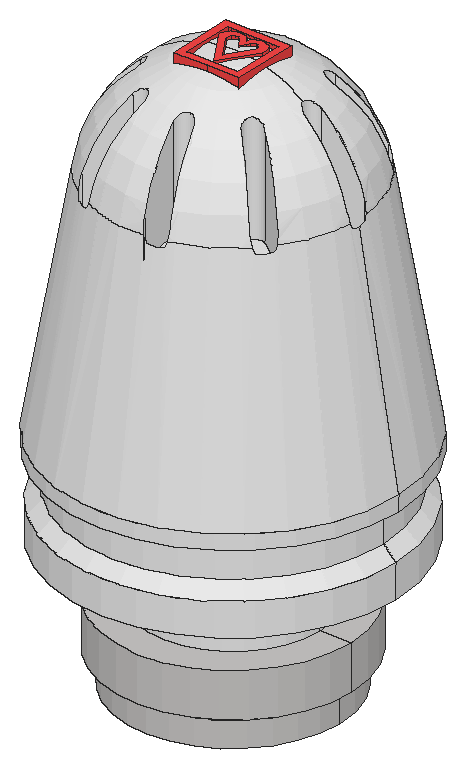
Revit family "HERZ-Thermostatkopf MINI GS M28x1.5 9200 06", category Rohrzubehör, Revit 2018
Family settings
  Bemaßung runder Anschluss = Durchmesser verwenden
  Teiletyp = Normal
  OmniClass-Nummer = 23.65.55.14
  OmniClass-Titel = Valves for Liquid Services
  Arbeitsebenenbasiert = Nein
  Immer vertikal = Nein
  Beim Laden mit Abzugskörper schneiden = Nein
  Gemeinsam genutzt = Nein
Parameters
  URL = "www.herz-armaturen.at"
  Thermostatkopf = "Kunststoff, weiß"  # constant formula
  Sollwertbereich = "6-28°C"  # constant formula
  S02 = 60 mm  # constant formula
  S01 = 73 mm  # constant formula
  Nullstellung = "Heizkörperthermostat mit Flüssigkeitsfühler (Hydrosensor) mit Stellung „0“, Frostsicherung einstellbar, mit Begrenzung und Blockierung des Sollwertbereiches."
  Hersteller = "HERZ Armaturen Ges.m.b.H."  # constant formula
  Funktionsweise = "Der HERZ-Thermostat dient als Fühl- und Regelelement. Durch die Volumsänderung der Flüssigkeitsfüllung im HERZ-Hydrosensor wird die Schubspindel des Ventils bewegt."
  Frostsicherung bei = 6 °C  # constant formula
  Sollwertbereich Frostsicherung = "6-28°C"  # constant formula
  Frostsicherung = "Heizkörperthermostat  mit  Flüssigkeitsfühler  (Hydrosensor)  mit  automatischer  Frostsicherung  und  Be-grenzung und Blockierung des Sollwertbereiches."
  Bestellnummer = 1920006  # constant formula
  Anwendungen = "Zur Montage auf Ventilen, die für thermostatischen Betrieb eingerichtet sind.Artikelnummern, Dimensionen und Lieferform der HERZ Ventile sind den jeweiligen Produktnormblättern zu entnehmen."
Reference planes
  plane 1 "Mitte (Vorne/hinten)": y = 0
  plane 2: z = 0
  plane 3 "Mitte (Links/rechts)": x = 0
Forms (mm)
  Revolve 1, solid, material "Kunststoff weiß", detail levels fine
    sketch origin (0, 0, 0) x (1, 0, 0) y (0, 0, 1)
      loop
        line (0, 0) -> (0, 73)
        arc (0, 73) -> (-11.397, 68.78) -> (-17.297, 58.156) r 17.5
        arc (-17.297, 58.156) -> (-20.011, 42.065) -> (-22.88, 26) r 1681.293
        line (-22.88, 26) -> (-22.88, 24) -> (-20.75, 24) -> (-20.75, 19.25) -> (-22.5, 17.5) -> (-22.5, 13) -> (-12.8, 13)
        arc (-12.8, 13) -> (-12.234, 12.766) -> (-12, 12.2) r 0.8
        line (-12, 12.2) -> (-12, 4.8) -> (-13.2, 4.8) -> (-13.2, 0) -> (0, 0)
      axis (0, 73) -> (0, 0)
    angle from 0 to 360
  Revolve 2, solid, material "Messing verzinkt", detail levels fine
    sketch origin (0, 0, 0) x (1, 0, 0) y (0, 0, 1)
      loop
        line (0, 0) -> (0, 5.5) -> (-16.35, 5.5) -> (-16.35, -0.576) -> (-14.75, -1.5) -> (-14.75, -5) -> (-13.35, -5) -> (-13.35, 0) -> (0, 0)
      axis (0, 5.5) -> (0, -5)
    angle from 0 to 360
  Extrusion 3, void
    sketch origin (0, 0, 0) x (1, 0, 0) y (0, 1, 0)
      loop
        arc (11.027, 1.298) -> (9.8, 0) -> (11.027, -1.298) r 1.3
        line (11.027, -1.298) -> (16.77, -1.62)
        arc (16.77, -1.62) -> (17.178, -1.485) -> (17.384, -1.107) r 0.586
        arc (17.384, -1.107) -> (17.453, 0.011) -> (17.382, 1.129) r 9
        arc (17.382, 1.129) -> (17.183, 1.492) -> (16.79, 1.621) r 0.564
        line (16.79, 1.621) -> (11.027, 1.298)
      loop
        line (9.282, 6.094) -> (13.904, 9.55)
        arc (13.904, 9.55) -> (14.121, 9.902) -> (14.04, 10.308) r 0.564
        arc (14.04, 10.308) -> (13.376, 11.21) -> (12.605, 12.023) r 9
        arc (12.605, 12.023) -> (12.205, 12.18) -> (11.805, 12.021) r 0.586
        line (11.805, 12.021) -> (7.613, 8.082)
        arc (7.613, 8.082) -> (7.507, 6.299) -> (9.282, 6.094) r 1.3
      loop
        arc (0.637, 11.085) -> (1.702, 9.651) -> (3.193, 10.634) r 1.3
        line (3.193, 10.634) -> (4.508, 16.234)
        arc (4.508, 16.234) -> (4.445, 16.659) -> (4.109, 16.928) r 0.586
        arc (4.109, 16.928) -> (3.02, 17.189) -> (1.907, 17.313) r 9
        arc (1.907, 17.313) -> (1.515, 17.181) -> (1.319, 16.816) r 0.564
        line (1.319, 16.816) -> (0.637, 11.085)
      loop
        line (-4.39, 10.199) -> (-6.991, 15.351)
        arc (-6.991, 15.351) -> (-7.3, 15.626) -> (-7.713, 15.617) r 0.564
        arc (-7.713, 15.617) -> (-8.717, 15.12) -> (-9.651, 14.501) r 9
        arc (-9.651, 14.501) -> (-9.875, 14.134) -> (-9.788, 13.713) r 0.586
        line (-9.788, 13.713) -> (-6.638, 8.901)
        arc (-6.638, 8.901) -> (-4.9, 8.487) -> (-4.39, 10.199) r 1.3
      loop
        arc (-10.806, 2.552) -> (-9.209, 3.352) -> (-9.918, 4.991) r 1.3
        line (-9.918, 4.991) -> (-15.204, 7.258)
        arc (-15.204, 7.258) -> (-15.634, 7.271) -> (-15.957, 6.986) r 0.586
        arc (-15.957, 6.986) -> (-16.404, 5.959) -> (-16.719, 4.884) r 9
        arc (-16.719, 4.884) -> (-16.657, 4.475) -> (-16.332, 4.219) r 0.564
        line (-16.332, 4.219) -> (-10.806, 2.552)
      loop
        line (-10.806, -2.552) -> (-16.332, -4.219)
        arc (-16.332, -4.219) -> (-16.657, -4.475) -> (-16.719, -4.884) r 0.564
        arc (-16.719, -4.884) -> (-16.404, -5.959) -> (-15.957, -6.986) r 9
        arc (-15.957, -6.986) -> (-15.634, -7.271) -> (-15.204, -7.258) r 0.586
        line (-15.204, -7.258) -> (-9.918, -4.991)
        arc (-9.918, -4.991) -> (-9.209, -3.352) -> (-10.806, -2.552) r 1.3
      loop
        arc (9.282, -6.094) -> (7.507, -6.299) -> (7.613, -8.082) r 1.3
        line (7.613, -8.082) -> (11.805, -12.021)
        arc (11.805, -12.021) -> (12.205, -12.18) -> (12.605, -12.023) r 0.586
        arc (12.605, -12.023) -> (13.376, -11.21) -> (14.04, -10.308) r 9
        arc (14.04, -10.308) -> (14.121, -9.902) -> (13.904, -9.55) r 0.564
        line (13.904, -9.55) -> (9.282, -6.094)
      loop
        line (0.637, -11.085) -> (1.319, -16.816)
        arc (1.319, -16.816) -> (1.515, -17.181) -> (1.907, -17.313) r 0.564
        arc (1.907, -17.313) -> (3.02, -17.189) -> (4.109, -16.928) r 9
        arc (4.109, -16.928) -> (4.445, -16.659) -> (4.508, -16.234) r 0.586
        line (4.508, -16.234) -> (3.193, -10.634)
        arc (3.193, -10.634) -> (1.702, -9.651) -> (0.637, -11.085) r 1.3
      loop
        arc (-4.39, -10.199) -> (-4.9, -8.487) -> (-6.638, -8.901) r 1.3
        line (-6.638, -8.901) -> (-9.788, -13.713)
        arc (-9.788, -13.713) -> (-9.875, -14.134) -> (-9.651, -14.501) r 0.586
        arc (-9.651, -14.501) -> (-8.717, -15.12) -> (-7.713, -15.617) r 9
        arc (-7.713, -15.617) -> (-7.3, -15.626) -> (-6.991, -15.351) r 0.564
        line (-6.991, -15.351) -> (-4.39, -10.199)
    from 55 to 73
Cuts and joins
  Extrusion 3 cuts Revolve 1
Lines and regions (mm)
  model lines, detail levels coarse+medium
    curve 1: line (0, 0, 0) -> (0, 0, 13)
    curve 2: line (0, -0.017, 0) -> (0, 13, 0)
    curve 3: circle (0, 0, 43) r 30 normal (0, -1, 0)
    curve 4: circle (0, 0, 43) r 30 normal (1, 0, 0)
    curve 5: line (0, 0, 23) -> (0, 0, 63)
    curve 6: line (0, 17.5, 63) -> (0, -17.5, 63)
    curve 7: line (-17.5, 0, 63) -> (17.5, 0, 63)
    curve 8: circle (0, 43, 0) r 30 normal (0, 0, 1)
    curve 9: line (0, 23, 0) -> (0, 63, 0)
    curve 10: line (-17.5, 63, 0) -> (17.5, 63, 0)
Dimensions and locks
  "S01": curve 4 to plane 2
  "S01": curve 3 to plane 2
  "S01": plane 1 "Mitte (Vorne/hinten)" to curve 8
  "S02": diameter of curve 3
  "S02": diameter of curve 4
  "S02": diameter of curve 8
  aligned and locked: level to plane 2
Automatic sketch dimensions
  Revolve 1 sketch curve to level = 0 mm
  Revolve 1 sketch curve to plane 3 "Mitte (Links/rechts)" = 0 mm  (x2)
  Revolve 1 sketch curve to plane 3 "Mitte (Links/rechts)" = 12 mm
  Revolve 1 sketch curve to Revolve 1 sketch curve = 0.8 mm
  Revolve 1 sketch curve to Revolve 1 sketch curve = 1.2 mm
  Revolve 1 sketch curve to Revolve 1 sketch curve = 7.95 mm
  Revolve 1 sketch curve to Revolve 1 sketch curve = 1.75 mm  (x2)
  Revolve 1 sketch curve to Revolve 1 sketch curve = 2.13 mm
  level to Revolve 1 sketch curve = 329.658 mm
  Revolve 1 sketch curve to plane 3 "Mitte (Links/rechts)" = 1676.524 mm
  level to Revolve 1 sketch curve = 4.8 mm
  Revolve 1 sketch curve to Revolve 1 sketch curve = 7.4 mm
  Revolve 1 sketch curve to Revolve 1 sketch curve = 4.5 mm
  Revolve 1 sketch curve to Revolve 1 sketch curve = 4.75 mm
  Revolve 1 sketch curve to Revolve 1 sketch curve = 2 mm
  Revolve 1 sketch curve to Revolve 1 sketch curve = 29.5 mm
  Revolve 1 sketch curve to Revolve 1 sketch curve = 17.5 mm
  Revolve 1 sketch curve to level = 366.045 mm
  Revolve 1 sketch curve to Revolve 1 sketch curve = 2141.315 mm
  Revolve 2 sketch curve to level = 0 mm
  Revolve 2 sketch curve to plane 3 "Mitte (Links/rechts)" = 0 mm  (x2)
  Revolve 2 sketch curve to level = 5 mm
  Revolve 2 sketch curve to plane 3 "Mitte (Links/rechts)" = 13.35 mm
  Revolve 2 sketch curve to Revolve 2 sketch curve = 1.4 mm
  Revolve 2 sketch curve to level = 0.576 mm
  Revolve 2 sketch curve to Revolve 2 sketch curve = 1.6 mm
  Revolve 2 sketch curve to level = 1.5 mm
  level to Revolve 2 sketch curve = 5.5 mm
  Revolve 2 sketch curve to Revolve 2 sketch curve = 361.045 mm
  Revolve 2 sketch curve to Revolve 2 sketch curve = 2208.815 mm
  plane 1 "Mitte (Vorne/hinten)" to Extrusion 3 sketch curve = 0 mm  (x2)
  Extrusion 3 sketch curve to plane 1 "Mitte (Vorne/hinten)" = 4.219 mm
  Extrusion 3 sketch curve to plane 3 "Mitte (Links/rechts)" = 16.332 mm
  plane 1 "Mitte (Vorne/hinten)" to Extrusion 3 sketch curve = 4.219 mm
  Extrusion 3 sketch curve to Extrusion 3 sketch curve = 0 mm  (x11)
  Extrusion 3 sketch curve to Extrusion 3 sketch curve = 0.163 mm  (x2)
  Extrusion 3 sketch curve to Extrusion 3 sketch curve = 0.734 mm  (x2)
  plane 1 "Mitte (Vorne/hinten)" to Extrusion 3 sketch curve = 7.258 mm
  Extrusion 3 sketch curve to Extrusion 3 sketch curve = 0.231 mm  (x2)
  Extrusion 3 sketch curve to plane 1 "Mitte (Vorne/hinten)" = 7.258 mm
  plane 1 "Mitte (Vorne/hinten)" to Extrusion 3 sketch curve = 2.552 mm
  Extrusion 3 sketch curve to Extrusion 3 sketch curve = 5.526 mm
  Extrusion 3 sketch curve to plane 1 "Mitte (Vorne/hinten)" = 2.552 mm
  Extrusion 3 sketch curve to Extrusion 3 sketch curve = 0.375 mm  (x2)
  Extrusion 3 sketch curve to Extrusion 3 sketch curve = 0.512 mm  (x2)
  Extrusion 3 sketch curve to Extrusion 3 sketch curve = 5.416 mm  (x2)
  Extrusion 3 sketch curve to Extrusion 3 sketch curve = 0.49 mm  (x2)
  Extrusion 3 sketch curve to Extrusion 3 sketch curve = 2.488 mm  (x2)
  Extrusion 3 sketch curve to Extrusion 3 sketch curve = 1.803 mm  (x2)
  Extrusion 3 sketch curve to Extrusion 3 sketch curve = 0.504 mm  (x2)
  Extrusion 3 sketch curve to Extrusion 3 sketch curve = 3.281 mm  (x2)
  Extrusion 3 sketch curve to Extrusion 3 sketch curve = 1.088 mm  (x2)
  Extrusion 3 sketch curve to Extrusion 3 sketch curve = 1.16 mm  (x2)
  Extrusion 3 sketch curve to Extrusion 3 sketch curve = 1.324 mm  (x2)
  plane 3 "Mitte (Links/rechts)" to Extrusion 3 sketch curve = 0.637 mm  (x2)
  plane 3 "Mitte (Links/rechts)" to Extrusion 3 sketch curve = 1.319 mm  (x2)
  plane 3 "Mitte (Links/rechts)" to Extrusion 3 sketch curve = 1.468 mm  (x2)
  Extrusion 3 sketch curve to Extrusion 3 sketch curve = 0.561 mm  (x2)
  Extrusion 3 sketch curve to Extrusion 3 sketch curve = 1.291 mm  (x2)
  Extrusion 3 sketch curve to Extrusion 3 sketch curve = 1.266 mm  (x2)
  Extrusion 3 sketch curve to Extrusion 3 sketch curve = 2.058 mm  (x2)
  Extrusion 3 sketch curve to Extrusion 3 sketch curve = 0.57 mm  (x2)
  Extrusion 3 sketch curve to Extrusion 3 sketch curve = 5.007 mm  (x2)
  Extrusion 3 sketch curve to Extrusion 3 sketch curve = 1.138 mm  (x2)
  Extrusion 3 sketch curve to Extrusion 3 sketch curve = 1.978 mm
  Extrusion 3 sketch curve to Extrusion 3 sketch curve = 0.89 mm  (x2)
  Extrusion 3 sketch curve to Extrusion 3 sketch curve = 0.779 mm  (x2)
  plane 1 "Mitte (Vorne/hinten)" to Extrusion 3 sketch curve = 1.298 mm
  Extrusion 3 sketch curve to Extrusion 3 sketch curve = 2.575 mm
  Extrusion 3 sketch curve to Extrusion 3 sketch curve = 0.073 mm
  Extrusion 3 sketch curve to Extrusion 3 sketch curve = 4.192 mm  (x2)
  Extrusion 3 sketch curve to Extrusion 3 sketch curve = 0.401 mm  (x2)
  Extrusion 3 sketch curve to Extrusion 3 sketch curve = 1.36 mm  (x2)
  Extrusion 3 sketch curve to Extrusion 3 sketch curve = 0.338 mm  (x2)
  plane 1 "Mitte (Vorne/hinten)" to Extrusion 3 sketch curve = 1.62 mm
  Extrusion 3 sketch curve to Extrusion 3 sketch curve = 5.743 mm
  Extrusion 3 sketch curve to plane 1 "Mitte (Vorne/hinten)" = 1.621 mm
  Extrusion 3 sketch curve to Extrusion 3 sketch curve = 0.02 mm
  Extrusion 3 sketch curve to Extrusion 3 sketch curve = 0.033 mm
  Extrusion 3 sketch curve to Extrusion 3 sketch curve = 0.032 mm
  plane 1 "Mitte (Vorne/hinten)" to Extrusion 3 sketch curve = 7.32 mm
  Extrusion 3 sketch curve to Extrusion 3 sketch curve = 6.784 mm
  Extrusion 3 sketch curve to Extrusion 3 sketch curve = 1.004 mm
  Extrusion 3 sketch curve to Extrusion 3 sketch curve = 1.581 mm  (x2)
  Extrusion 3 sketch curve to Extrusion 3 sketch curve = 1.468 mm
  Extrusion 3 sketch curve to Extrusion 3 sketch curve = 0.712 mm  (x2)
  Extrusion 3 sketch curve to Extrusion 3 sketch curve = 0.452 mm  (x2)
  Extrusion 3 sketch curve to Extrusion 3 sketch curve = 2.31 mm  (x2)
  Extrusion 3 sketch curve to Extrusion 3 sketch curve = 0.297 mm  (x2)
  Extrusion 3 sketch curve to Extrusion 3 sketch curve = 1.591 mm  (x2)
  Extrusion 3 sketch curve to Extrusion 3 sketch curve = 0.427 mm  (x2)
  Extrusion 3 sketch curve to Extrusion 3 sketch curve = 4.812 mm  (x2)
  Extrusion 3 sketch curve to Extrusion 3 sketch curve = 0.321 mm  (x2)
  Extrusion 3 sketch curve to Extrusion 3 sketch curve = 1.063 mm  (x2)
  Extrusion 3 sketch curve to Extrusion 3 sketch curve = 0.254 mm  (x2)
  Extrusion 3 sketch curve to Extrusion 3 sketch curve = 5.599 mm  (x2)
  Extrusion 3 sketch curve to Extrusion 3 sketch curve = 0.134 mm  (x2)
  Extrusion 3 sketch curve to Extrusion 3 sketch curve = 0.382 mm  (x2)
  Extrusion 3 sketch curve to Extrusion 3 sketch curve = 0.067 mm  (x2)
  Extrusion 3 sketch curve to Extrusion 3 sketch curve = 0.947 mm
  Extrusion 3 sketch curve to Extrusion 3 sketch curve = 0.539 mm  (x2)
  Extrusion 3 sketch curve to Extrusion 3 sketch curve = 1.702 mm
  Extrusion 3 sketch curve to Extrusion 3 sketch curve = 2.439 mm
  Extrusion 3 sketch curve to Extrusion 3 sketch curve = 0.54 mm  (x2)
  Extrusion 3 sketch curve to Extrusion 3 sketch curve = 0.905 mm
  Extrusion 3 sketch curve to Extrusion 3 sketch curve = 0.585 mm
  Extrusion 3 sketch curve to Extrusion 3 sketch curve = 0.564 mm
  Extrusion 3 sketch curve to Extrusion 3 sketch curve = 0.339 mm
  Extrusion 3 sketch curve to Extrusion 3 sketch curve = 1.245 mm
  Extrusion 3 sketch curve to plane 1 "Mitte (Vorne/hinten)" = 5.433 mm
  Extrusion 3 sketch curve to Extrusion 3 sketch curve = 0.661 mm
  Extrusion 3 sketch curve to Extrusion 3 sketch curve = 1.041 mm
  Extrusion 3 sketch curve to Extrusion 3 sketch curve = 4.429 mm
  Extrusion 3 sketch curve to Extrusion 3 sketch curve = 2.891 mm
  Extrusion 3 sketch curve to Extrusion 3 sketch curve = 3.456 mm
  Extrusion 3 sketch curve to plane 1 "Mitte (Vorne/hinten)" = 1.298 mm  (x2)
  curve 5 to plane 1 "Mitte (Vorne/hinten)" = 0 mm
  curve 4 to plane 1 "Mitte (Vorne/hinten)" = 0 mm
  plane 1 "Mitte (Vorne/hinten)" to curve 6 = 17.5 mm
  curve 5 to curve 6 = 17.5 mm
  curve 5 to curve 4 = 20 mm
  curve 4 to curve 6 = 20 mm
  curve 3 to plane 3 "Mitte (Links/rechts)" = 0 mm
  curve 1 to plane 3 "Mitte (Links/rechts)" = 0 mm
  curve 1 to level = 0 mm
  curve 7 to plane 3 "Mitte (Links/rechts)" = 17.5 mm
  plane 3 "Mitte (Links/rechts)" to curve 7 = 17.5 mm
  curve 3 to curve 7 = 20 mm
  curve 8 to plane 3 "Mitte (Links/rechts)" = 0 mm
  curve 9 to plane 3 "Mitte (Links/rechts)" = 0 mm
  curve 2 to plane 3 "Mitte (Links/rechts)" = 0 mm
  curve 10 to curve 9 = 17.5 mm
  plane 3 "Mitte (Links/rechts)" to curve 10 = 17.5 mm
  plane 1 "Mitte (Vorne/hinten)" to curve 2 = 0.017 mm
  curve 2 to curve 9 = 10 mm
  curve 8 to curve 10 = 20 mm
Nested families
  nested 1: "Herz-Logo" at (0, 0, 71.5), type "Herz-Logo", detail levels fine
Definition of nested family "Herz-Logo"
  Reference planes
    plane 1 "Mitte (Vorne/hinten)": y = 0
    plane 2: z = 0
    plane 3 "Mitte (Links/rechts)": x = 0
  Forms (mm)
    Extrusion 1, solid
      sketch origin (0, 0, 0) x (1, 0, 0) y (0, 1, 0)
        loop
          line (-0.018, -4.517) -> (4.482, -4.517) -> (4.482, 4.483) -> (-4.518, 4.483) -> (-4.518, -4.517) -> (-0.018, -4.517)
        loop
          line (-0.05, -3.48) -> (3.482, -3.48) -> (3.482, 3.483) -> (-3.518, 3.483) -> (-3.518, -3.48) -> (-0.05, -3.48)
        loop
          arc (-0.018, 2.383) -> (-1.543, 3.287) -> (-3.067, 2.383) r 1.738
          arc (-3.067, 2.383) -> (-3.191, 1.899) -> (-3.067, 1.415) r 1.009
          line (-3.067, 1.415) -> (-0.018, -3.281) -> (3.032, 1.415)
          arc (3.032, 1.415) -> (3.156, 1.899) -> (3.032, 2.383) r 1.009
          arc (3.032, 2.383) -> (1.507, 3.287) -> (-0.018, 2.383) r 1.738
        loop
          arc (1.885, 1.272) -> (2.005, 1.675) -> (1.885, 2.079) r 0.74
          arc (1.885, 2.079) -> (1.265, 2.416) -> (0.644, 2.079) r 0.74
          line (0.644, 2.079) -> (-0.018, 0.97) -> (-0.679, 2.079)
          arc (-0.679, 2.079) -> (-1.3, 2.416) -> (-1.921, 2.079) r 0.74
          arc (-1.921, 2.079) -> (-2.04, 1.675) -> (-1.921, 1.272) r 0.74
          line (-1.921, 1.272) -> (-0.018, -1.658) -> (1.885, 1.272)
      from 0 to 1.5
  Dimensions and locks
    aligned and locked: level to plane 2
